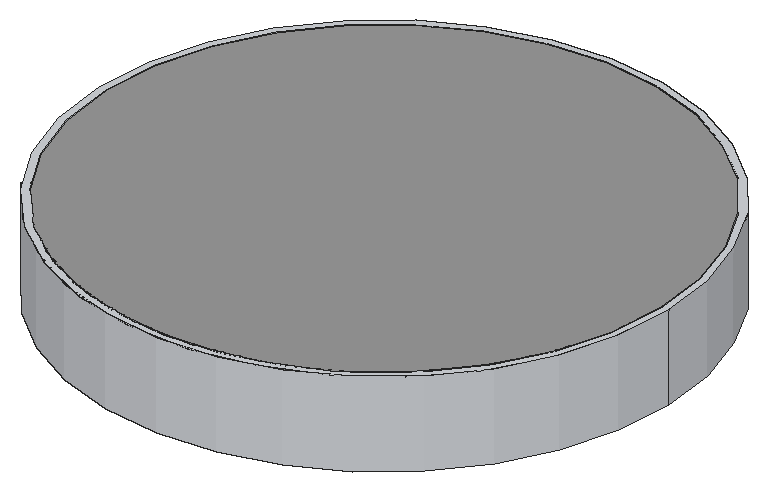
Revit family "2071104", category Lighting Fixtures, host Face, Revit 2018
Family settings
  Host = Face
  Round Connector Dimension = Use Diameter
  Part Type = Normal
  OmniClass Number = 23.80.70.00
  OmniClass Title = Lighting
  Cut with Voids When Loaded = No
  Light Source = Yes
  Shared = No
  Room Calculation Point = No
Parameters (values of type "2071104 COLOSSAL 400 830 OP DIR WHT DALI EM")
  iner diameter = 390 mm
  Weight = "n/a"
  Wattage Comments = ""
  Wattage = 30 W
  WarrantyStartDate [instance] = "n/a"
  WarrantyGuarantorParts = "n/a"
  WarrantyDurationUnit = "n/a"
  WarrantyDurationParts = ""
  WarrantyDescription = "http://www.sylvania-lighting.com"
  built-in parameter 1150110 = 1 (stored number, unit not read)
  Voltage = 230 V
  URL = "0.95"
  TypeName = "COLOSSAL 400mm 830 OPAL DIR WHITE DALI EM"
  Type Image = <None>
  Type Comments = "n/a"
  built-in parameter 1114217 = 1 (stored number, unit not read)
  Tilt Angle = -90.00°
  built-in parameter 1150109 = 1 (stored number, unit not read)
  built-in parameter 1150134 = (empty or 0)
  built-in parameter 1150113 = 1 (stored number, unit not read)
  SerialNumber [instance] = "n/a"
  Photometric Web File = "2071104.ies"
  Material_3_SYL = LED-Sylvania
  PowerFactor = 0
  PowerConsumption = "Lighting"
  NominalLength = 400 mm
  NominalHeight = 93 mm
  NominalDepth = 400 mm
  Name = "COLOSSAL 400mm 830 OPAL DIR WHITE DALI EM"
  ModelReference = Name  # "COLOSSAL 400mm 830 OPAL DIR WHITE DALI EM"
  ModelNumber = "2071104"
  Model = Name  # "COLOSSAL 400mm 830 OPAL DIR WHITE DALI EM"
  Material = "Feilo Sylvania"
  ManufacturerName = "116 lm/W"
  Manufacturer = ""
  LuminousEfficacy = ""
  built-in parameter 1150105 = 270.44 (stored number, unit not read)
  Lumens = 3398.4 lm
  LuminaireType = "0"
  built-in parameter 1150115 = 1 (stored number, unit not read)
  LightOutputRatio = "LED"
  built-in parameter 1150137 = (empty or 0)
  built-in parameter 1150139 = (empty or 0)
  LampsType = Lamp  # "n/a"
  LampNominalLuminous = "3000 K"
  LampMacAdamStep = "80"
  LampColourTemperature = "LED"
  LampColourRenderingIndex = "16500"
  built-in parameter 1150112 = 1 (stored number, unit not read)
  built-in parameter 1150114 = 1 (stored number, unit not read)
  Lamp = "n/a"
  Keynote = "n/a"
  InstallationDate [instance] = "n/a"
  InputVoltage = "0"
  InputNominalFrequency = "3000"
  built-in parameter 1150132 = (empty or 0)
  built-in parameter 1150102 = (empty or 0)
  built-in parameter 1150107 = 3000 (stored number, unit not read)
  built-in parameter 1150138 = (empty or 0)
  IngressProtection = "IfcLightFixtureType"
  ImpactProtectionIndex = "IfcLightFixtureType"
  built-in parameter 1150106 = 2.7044 (stored number, unit not read)
  IfcExportType = "IfcLightFixtureType"
  IfcExportAs = "Class I"
  Emit from Circle Diameter = 385 mm
  Emit Shape Visible in Rendering = no
  ElectricShockClassification = "116"
  built-in parameter 1150104 = 10.524 (stored number, unit not read)
  DocumentationLiterature = "http://www.sylvania-lighting.com/product/en-int/products/2071104"
  DimmingControlOptions = "n/a"
  Material_2_SYL = Polycarbonate_Sylvania_White
  Dimming Lamp Color Temperature Shift = <None>
  Description = "400mm diameter circular architectural luminaire, can be surface mounted or suspended. Powder coated aluminium housing (RAL9016) with polycarbonate opal diffuser. Direct light distribution, 2460lm luminuous flux, 21.2W system power, 116lm/W luminiaire efficacy. DALI dimmable. 3 hours integrated emergency. Colour rendering index Ra >80, 3000K Warm White LED, chromaticity tolerance of 3-step MacAdam ellipse. IP40, IK03. 450mA drive current. Electrical protection Class1, 220-240V. Reported lifetime 66k hours L90B10."
  Default Elevation = 1219.2 mm
  CreatedOn = "22/03/2022"
  CreatedBy = "@sylvania-lighting.com"
  Cost = 0
  Color Filter = 16777215
  built-in parameter 1114216 [instance] = (empty or 0)
  ClassificationValue = "EF_70_80"
  ClassificationName = "Uniclass2015"
  Material_1_SYL = Polycarbonate_Sylvania_Opal
  BarCode [instance] = "n/a"
  built-in parameter 1114218 = 1 (stored number, unit not read)
  built-in parameter 1150133 = 10 (stored number, unit not read)
  AssetType = "Fixed"
  AssetIdentifier [instance] = "n/a"
  Assembly Code = "D5020200"
  Apparent Load = 21.2 VA
  Material_4_SYL = none
Reference planes
  plane 1 "Center (Front/Back)": y = 0
  plane 2: z = 0
  plane 3 "Center (Left/Right)": x = 0
  plane 4: x = -200
  plane 5: x = 200
  plane 6: y = 200
  plane 7: y = -200
  plane 8: y = 236
  plane 9: y = -236
  plane 10: z = 93
  plane 11: y = 195
  plane 12: y = -195
  plane 13: y = 90.5
  plane 14: y = 144.5
  plane 15: through (52.25, 90.5, 1219.2) normal (0.866, 0.5, 0)
  plane 16: through (52.25, 90.5, 1219.2) normal (0.866, 0.5, 0)
  plane 17: through (63.706, 126.657, 1219.2) normal (0.866, 0.5, 0)
  plane 18: through (-104.5, 0, 1219.2) normal (-0.866, 0.5, 0)
  plane 19: through (-142.394, -9.633, 1219.2) normal (-0.866, 0.5, 0)
  plane 20: y = -90.5
  plane 21: y = -118.5
  plane 22: through (85.371, -141.133, 1219.2) normal (-0.866, 0.5, 0)
  plane 23: through (52.25, -90.5, 1219.2) normal (-0.866, 0.5, 0)
  plane 24: through (-161.658, 0, 1219.2) normal (0.866, 0.5, 0)
  plane 25: through (-172.12, 9.121, 1219.2) normal (0.866, 0.5, 0)
  plane 26: through (-104.5, 0, 1219.2) normal (0.866, 0.5, 0)
Forms (mm)
  Extrusion 1, solid, detail levels medium+fine
    sketch origin (0, 0, 0) x (1, 0, 0) y (0, 1, 0)
      loop
        circle (0, 0) r 200
    from 33.023 to 93
  Extrusion 2, void
    sketch origin (0, 0, 0) x (1, 0, 0) y (0, 1, 0)
      loop
        circle (0, 0) r 195
    from 93 to 37.292
  Extrusion 3, solid, material "Glass, White, High Luminance", detail levels fine
    sketch origin (0, 0, 0) x (1, 0, 0) y (0, 1, 0)
      loop
        circle (0, 0) r 195
    from 88.026 to 93
  Extrusion 4, solid, detail levels coarse
    sketch origin (0, 0, 0) x (1, 0, 0) y (0, 1, 0)
      loop
        line (-200, 200) -> (-200, -200) -> (200, -200) -> (200, 200) -> (-200, 200)
    from 0 to 93
  Blend 5, solid, detail levels medium+fine
    base sketch origin (0, 0, 0) x (1, 0, 0) y (0, 1, 0)
      loop
        line (-52.25, 90.5) -> (-104.5, 0) -> (-52.25, -90.5) -> (52.25, -90.5) -> (104.5, 0) -> (52.25, 90.5) -> (-52.25, 90.5)
    top sketch origin (0, 0, 0) x (1, 0, 0) y (0, 1, 0)
      loop
        line (-53.405, 144.5) -> (-149.245, -21.5) -> (-93.242, -118.5) -> (98.438, -118.5) -> (151.843, -26) -> (53.405, 144.5) -> (-53.405, 144.5)
    from 0 to 33.023
Cuts and joins
  Extrusion 2 cuts Extrusion 1
Dimensions and locks
  "NominalDepth": plane 6 to plane 7
  "NominalLength": plane 4 to plane 5
  equal spacing: plane 4, plane 3 "Center (Left/Right)", plane 5
  "iner diameter": plane 11 to plane 12
  equal spacing: plane 11, plane 1 "Center (Front/Back)", plane 12
  equal spacing: plane 6, plane 1 "Center (Front/Back)", plane 7
  "NominalHeight": plane 10 to level
  plane 19 to plane 18 = 28 mm
  radius of Extrusion 2 sketch curve = 195 mm
  aligned and locked: plane 2 to host face
  aligned and locked: level to host face
Automatic sketch dimensions
  host sketch curve to host sketch curve = 2438.4 mm  (x2)
  plane 1 "Center (Front/Back)" to Extrusion 1 sketch curve = 0 mm
  Extrusion 1 sketch curve to plane 3 "Center (Left/Right)" = 0 mm
  plane 1 "Center (Front/Back)" to Extrusion 2 sketch curve = 0 mm
  Extrusion 2 sketch curve to plane 3 "Center (Left/Right)" = 0 mm
  plane 1 "Center (Front/Back)" to Extrusion 3 sketch curve = 0 mm
  Extrusion 3 sketch curve to plane 3 "Center (Left/Right)" = 0 mm
  Extrusion 4 sketch curve to plane 4 = 0 mm
  Extrusion 4 sketch curve to plane 5 = 0 mm
  Extrusion 4 sketch curve to plane 7 = 0 mm
  Extrusion 4 sketch curve to plane 6 = 0 mm
  Blend 5 sketch curve to plane 19 = 0 mm  (x2)
  Blend 5 sketch curve to plane 24 = 0 mm  (x2)
  Blend 5 sketch curve to plane 21 = 0 mm
  Blend 5 sketch curve to plane 14 = 0 mm
  Blend 5 sketch curve to plane 17 = 0 mm  (x2)
  Blend 5 sketch curve to plane 22 = 0 mm  (x2)
  radius of Extrusion 1 sketch curve = 200 mm
  radius of Extrusion 3 sketch curve = 195 mm
Connectors
  electrical at (0, 0, 0), driven by "Apparent Load", driven by "PowerFactor", driven by "Voltage"
    settings: index 1, voltage 230 V, apparent load 21.2 VA, apparent load phase1 0 VA, apparent load phase2 0 VA, apparent load phase3 0 VA, power factor 0, load classification "Lighting", number of poles 1, system type 30, power factor state 1, is connector primary yes, connector utility no, sub classification motor no, connector description ""
